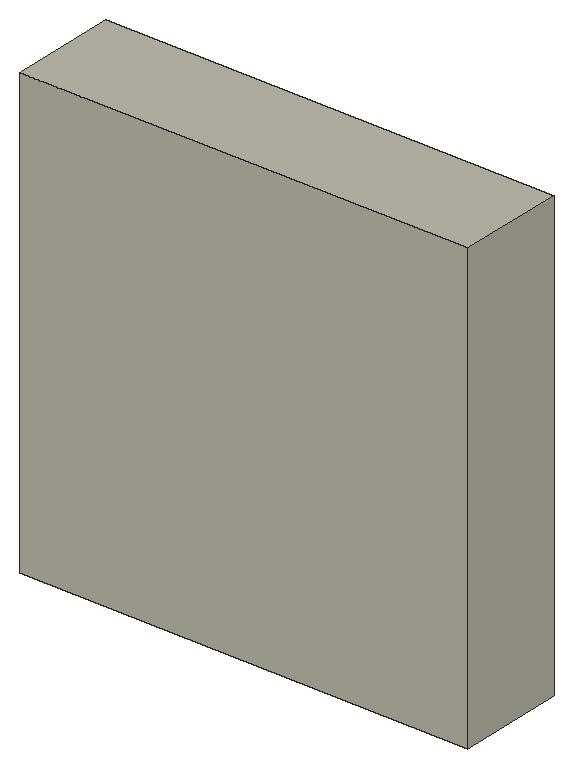
Revit family "IQ8FCT", category Fire Alarm Devices, Revit 2014
Parameters
  type of detector [instance] = "LOOP"
  material 3 = White
  material 2 = Transparant
  material = Beige
  l1 = 88 mm
  h1 = 88 mm
  distance to the wall [instance] = 0 mm
  distance symbol from center [instance] = 0 mm
  content_version = "1.0"
  content_date_modified = "16.06.2015"
  content_date_creation = "16.06.2015"  # constant formula
  b2 = 4 mm
  b1 = 21 mm
  article number = "804867"
  URL = "http://www.esser-systems.com/en/produkte/details/transponders-input-amp-output-modules/esserbus/804867-iq8fct-with-isolator-1-contact-in1-out.html"
  Model = "IQ8FCT with isolator, 1 contact IN/1 OUT"
  Manufacturer = "Esser by Honeywell"  # constant formula
  GTIN = ""
  GLN = ""
Reference planes
  plane 1 "Center (Front/Back)": y = 0
  plane 2: z = 0
  plane 3 "Center (Left/Right)": x = 0
  plane 4 "Left": x = 44
  plane 5 "Right": x = -44
  plane 6 "Front": y = 21
  plane 7 "Top": z = 44
  plane 8 "Flip Front": y = 17
  plane 9 "Bottom": z = -44
Forms (mm)
  Extrusion 1, solid, material "Beige" <- "material"
    sketch origin (0, 21, 0) x (1, 0, 0) y (0, 0, 1)
      loop
        line (44, 44) -> (-44, 44) -> (-44, -44) -> (44, -44) -> (44, 44)
    from 0 to 21
  Extrusion 2, void
    sketch origin (0, 21, 0) x (1, 0, 0) y (0, 0, 1)
      loop
        line (25, 25) -> (-25, 25) -> (-25, -25) -> (25, -25) -> (25, 25)
      loop
        line (25, 27.009) -> (25, 41.009) -> (-25, 41.009) -> (-25, 27.009) -> (25, 27.009)
    from 0 to 5
  Extrusion 3, solid, material "Transparant" <- "material 2"
    sketch origin (0, 21, 0) x (1, 0, 0) y (0, 0, 1)
      loop
        line (25, 25) -> (-25, 25) -> (-25, -25) -> (25, -25) -> (25, 25)
      loop
        line (25, 27.009) -> (25, 41.009) -> (-25, 41.009) -> (-25, 27.009) -> (25, 27.009)
    from 0 to 4
  Extrusion 4, solid, material "White" <- "material 3"
    sketch origin (0, 21, 0) x (1, 0, 0) y (0, 0, 1)
      loop
        line (25, 25) -> (-25, 25) -> (-25, -25) -> (25, -25) -> (25, 25)
    from 4.5 to 5
  Extrusion 5, solid, material "White" <- "material 3"
    sketch origin (0, 21, 0) x (1, 0, 0) y (0, 0, 1)
      loop
        line (23.503, 38.418) -> (22.236, 38.418) -> (22.236, 28.595) -> (23.503, 28.595) -> (23.503, 38.418)
      loop
        arc (18.927, 35.339) -> (15.917, 37.411) -> (12.907, 35.339) r 3.222
        arc (12.907, 35.339) -> (12.556, 33.438) -> (12.907, 31.537) r 5.328
        arc (12.907, 31.537) -> (13.229, 30.909) -> (13.68, 30.367) r 3.222
        arc (13.68, 30.367) -> (14.539, 30.939) -> (15.518, 31.263) r 3.864
        line (15.518, 31.263) -> (15.937, 30.045)
        arc (15.937, 30.045) -> (15.362, 29.912) -> (14.832, 29.652) r 2.597
        arc (14.832, 29.652) -> (17.264, 29.759) -> (18.927, 31.537) r 3.222
        arc (18.927, 31.537) -> (19.277, 33.438) -> (18.927, 35.339) r 5.328
      loop
        arc (11.53, 27.563) -> (12.638, 28.122) -> (13.681, 28.793) r 11.951
        arc (13.681, 28.793) -> (17.424, 28.457) -> (20.111, 31.084) r 4.49
        arc (20.111, 31.084) -> (20.545, 33.438) -> (20.111, 35.791) r 6.595
        arc (20.111, 35.791) -> (15.917, 38.679) -> (11.723, 35.791) r 4.49
        arc (11.723, 35.791) -> (11.346, 32.568) -> (12.552, 29.555) r 6.595
        arc (12.552, 29.555) -> (11.81, 29.112) -> (11.035, 28.73) r 10.683
        line (11.035, 28.73) -> (11.53, 27.563)
      loop
        circle (6.894, 31.353) r 1.964
      loop
        circle (6.894, 35.789) r 1.584
      loop
        arc (8.923, 33.786) -> (6.894, 38.641) -> (4.864, 33.786) r 2.852
        arc (4.864, 33.786) -> (6.894, 28.185) -> (8.923, 33.786) r 3.169
      loop
        line (1.989, 38.398) -> (-4.537, 38.398) -> (-4.537, 37.13) -> (0.721, 37.13) -> (0.721, 34.279) -> (-3.854, 34.279) -> (-3.854, 33.011) -> (0.721, 33.011) -> (0.721, 28.575) -> (1.989, 28.575) -> (1.989, 38.398)
      loop
        arc (-8.349, 36.781) -> (-7.102, 33.454) -> (-8.349, 30.127) r 5.062
        arc (-8.349, 30.127) -> (-10.178, 29.542) -> (-12.008, 30.127) r 3.154
        arc (-12.008, 30.127) -> (-12.755, 30.949) -> (-13.093, 32.007) r 2.613
        line (-13.093, 32.007) -> (-14.332, 31.698)
        arc (-14.332, 31.698) -> (-13.804, 30.233) -> (-12.743, 29.094) r 3.88
        arc (-12.743, 29.094) -> (-10.102, 28.275) -> (-7.49, 29.186) r 4.422
        arc (-7.49, 29.186) -> (-5.834, 33.454) -> (-7.49, 37.722) r 6.329
        arc (-7.49, 37.722) -> (-10.102, 38.632) -> (-12.743, 37.813) r 4.422
        arc (-12.743, 37.813) -> (-13.804, 36.674) -> (-14.332, 35.21) r 3.88
        line (-14.332, 35.21) -> (-13.093, 34.901)
        arc (-13.093, 34.901) -> (-12.755, 35.959) -> (-12.008, 36.781) r 2.613
        arc (-12.008, 36.781) -> (-10.178, 37.366) -> (-8.349, 36.781) r 3.154
      loop
        line (-15.133, 38.398) -> (-22.856, 38.398) -> (-22.856, 37.13) -> (-19.625, 37.13) -> (-19.625, 28.575) -> (-18.358, 28.575) -> (-18.358, 37.13) -> (-15.133, 37.13) -> (-15.133, 38.398)
    from 4 to 5
Cuts and joins
  Extrusion 2 cuts Extrusion 1
Lines and regions (mm)
  model lines
    curve 1: line (33.5, 21, 25.333) -> (33.5, 21, 44)
    curve 2: line (33.5, 21, 44) -> (33.5, 0, 44)
    curve 3: line (-33.5, 21, 44) -> (-33.5, 0, 44)
    curve 4: arc (-25, 21, 25) -> (0, 21, -35.355) -> (25, 21, 25) r 35.355
    curve 5: arc (-33.5, 21, 25.333) -> (0, 21, -42) -> (33.5, 21, 25.333) r 42
    curve 6: line (-33.5, 21, 25.333) -> (-33.5, 21, 44)
    curve 7: line (6.797, 21, -24.746) -> (6.797, 21, -39.926)
    curve 8: arc (-6.797, 21, -39.926) -> (0, 21, -40.5) -> (6.797, 21, -39.926) r 40.5
    curve 9: line (-6.797, 21, -24.746) -> (-6.797, 21, -39.926)
    curve 10: line (20, 17, 22) -> (-20, 17, 22)
    curve 11: line (22, 17, -5) -> (22, 17, 20)
    curve 12: line (-20, 17, -7) -> (20, 17, -7)
    curve 13: line (-22, 17, 20) -> (-22, 17, -5)
    curve 14: arc (22, 17, 20) -> (21.414, 17, 21.414) -> (20, 17, 22) r 2
    curve 15: arc (-20, 17, 22) -> (-21.414, 17, 21.414) -> (-22, 17, 20) r 2
    curve 16: arc (20, 17, -7) -> (21.414, 17, -6.414) -> (22, 17, -5) r 2
    curve 17: arc (-22, 17, -5) -> (-21.414, 17, -6.414) -> (-20, 17, -7) r 2
    curve 18: line (17, 17, 16) -> (-17, 17, 16)
    curve 19: line (19, 17, 7) -> (19, 17, 14)
    curve 20: line (-17, 17, 5) -> (17, 17, 5)
    curve 21: line (-19, 17, 14) -> (-19, 17, 7)
    curve 22: arc (19, 17, 14) -> (18.414, 17, 15.414) -> (17, 17, 16) r 2
    curve 23: arc (-17, 17, 16) -> (-18.414, 17, 15.414) -> (-19, 17, 14) r 2
    curve 24: arc (17, 17, 5) -> (18.414, 17, 5.586) -> (19, 17, 7) r 2
    curve 25: arc (-19, 17, 7) -> (-18.414, 17, 5.586) -> (-17, 17, 5) r 2
    curve 26: line (15.077, 17, 12.5) -> (-14.923, 17, 12.5)
    curve 27: line (15.077, 17, 8.5) -> (-14.923, 17, 8.5)
Dimensions and locks
  equal spacing: plane 4 "Left", plane 3 "Center (Left/Right)", plane 5 "Right"
  "b1": plane 1 "Center (Front/Back)" to plane 6 "Front"
  "l1": plane 4 "Left" to plane 5 "Right"
  locked: plane 2 to level
  "b2": plane 8 "Flip Front" to plane 6 "Front"
  equal spacing: plane 7 "Top", level, plane 9 "Bottom"
  "h1": plane 7 "Top" to plane 9 "Bottom"
  aligned and locked: plane 7 "Top" to Extrusion 1 sketch curve
  aligned and locked: Extrusion 1 sketch curve to plane 4 "Left"
  aligned and locked: Extrusion 1 sketch curve to plane 9 "Bottom"
  aligned and locked: Extrusion 1 sketch curve to plane 5 "Right"
  aligned and locked: plane 1 "Center (Front/Back)" to Extrusion 1
  aligned and locked: curve 2 to curve 1
  aligned and locked: curve 3 to curve 6
  aligned and locked: Extrusion 3 to plane 8 "Flip Front"
  aligned and locked: Extrusion 5 to cut or joined group of Extrusion 1, Extrusion 2
  aligned and locked: plane 8 "Flip Front" to Extrusion 5
Automatic sketch dimensions
  curve 4 to curve 5 = 0 mm
  curve 4 to curve 8 = 0 mm  (x2)
  curve 5 to curve 8 = 0 mm
  curve 6 to plane 7 "Top" = 0 mm
  curve 5 to level = 0 mm
  plane 3 "Center (Left/Right)" to curve 5 = 0 mm
  curve 1 to plane 7 "Top" = 0 mm
  plane 5 "Right" to curve 6 = 10.5 mm
  curve 7 to plane 3 "Center (Left/Right)" = 6.797 mm
  plane 4 "Left" to curve 1 = 10.5 mm
  plane 9 "Bottom" to curve 7 = 4.074 mm
  curve 6 to curve 6 = 18.667 mm
  plane 3 "Center (Left/Right)" to curve 9 = 6.797 mm
  curve 5 to curve 4 = 8.5 mm
  curve 4 to curve 1 = 8.5 mm
  curve 8 to curve 9 = 15.179 mm
  curve 7 to curve 9 = 0 mm
  curve 4 to curve 1 = 0.333 mm
  Extrusion 2 sketch curve to plane 7 "Top" = 2.991 mm
  plane 5 "Right" to Extrusion 2 sketch curve = 19 mm
  Extrusion 2 sketch curve to Extrusion 2 sketch curve = 0 mm  (x2)
  plane 4 "Left" to Extrusion 2 sketch curve = 19 mm
  Extrusion 2 sketch curve to Extrusion 2 sketch curve = 14 mm
  Extrusion 2 sketch curve to Extrusion 2 sketch curve = 2.009 mm
  plane 9 "Bottom" to Extrusion 2 sketch curve = 19 mm
  Extrusion 1 to curve 3 = 0 mm
  Extrusion 1 to curve 2 = 0 mm
  curve 3 to Extrusion 1 = 0 mm
  curve 2 to Extrusion 1 = 0 mm
  Extrusion 3 sketch curve to plane 7 "Top" = 2.991 mm
  plane 5 "Right" to Extrusion 3 sketch curve = 19 mm
  Extrusion 3 sketch curve to Extrusion 3 sketch curve = 0 mm  (x2)
  plane 4 "Left" to Extrusion 3 sketch curve = 19 mm
  Extrusion 3 sketch curve to Extrusion 3 sketch curve = 14 mm
  Extrusion 3 sketch curve to Extrusion 3 sketch curve = 2.009 mm
  plane 9 "Bottom" to Extrusion 3 sketch curve = 19 mm
  plane 5 "Right" to Extrusion 4 sketch curve = 19 mm
  plane 4 "Left" to Extrusion 4 sketch curve = 19 mm
  plane 9 "Bottom" to Extrusion 4 sketch curve = 19 mm
  Extrusion 4 sketch curve to plane 7 "Top" = 19 mm
  Extrusion 5 sketch curve to Extrusion 5 sketch curve = 0 mm  (x42)
  Extrusion 5 sketch curve to plane 7 "Top" = 5.602 mm
  plane 5 "Right" to Extrusion 5 sketch curve = 21.144 mm
  Extrusion 5 sketch curve to Extrusion 5 sketch curve = 3.231 mm
  Extrusion 5 sketch curve to Extrusion 5 sketch curve = 1.267 mm  (x7)
  Extrusion 5 sketch curve to Extrusion 5 sketch curve = 3.225 mm
  Extrusion 5 sketch curve to Extrusion 5 sketch curve = 0.801 mm
  Extrusion 5 sketch curve to Extrusion 5 sketch curve = 1.239 mm  (x2)
  Extrusion 5 sketch curve to Extrusion 5 sketch curve = 0.93 mm
  Extrusion 5 sketch curve to Extrusion 5 sketch curve = 1.671 mm  (x2)
  Extrusion 5 sketch curve to Extrusion 5 sketch curve = 0.314 mm  (x2)
  plane 3 "Center (Left/Right)" to Extrusion 5 sketch curve = 4.537 mm
  plane 3 "Center (Left/Right)" to Extrusion 5 sketch curve = 3.854 mm
  Extrusion 5 sketch curve to plane 3 "Center (Left/Right)" = 0.721 mm  (x2)
  Extrusion 5 sketch curve to Extrusion 5 sketch curve = 4.719 mm
  Extrusion 5 sketch curve to Extrusion 5 sketch curve = 0.186 mm
  Extrusion 5 sketch curve to Extrusion 5 sketch curve = 4.141 mm
  Extrusion 5 sketch curve to Extrusion 5 sketch curve = 0.495 mm
  Extrusion 5 sketch curve to Extrusion 5 sketch curve = 2.915 mm
  Extrusion 5 sketch curve to Extrusion 5 sketch curve = 1.568 mm
  Extrusion 5 sketch curve to Extrusion 5 sketch curve = 0.399 mm
  Extrusion 5 sketch curve to Extrusion 5 sketch curve = 0.419 mm
  Extrusion 5 sketch curve to Extrusion 5 sketch curve = 0.295 mm
  Extrusion 5 sketch curve to Extrusion 5 sketch curve = 1.967 mm
  Extrusion 5 sketch curve to Extrusion 5 sketch curve = 4.352 mm
  Extrusion 5 sketch curve to plane 7 "Top" = 6.87 mm
  Extrusion 5 sketch curve to Extrusion 5 sketch curve = 1.341 mm
  Extrusion 5 sketch curve to Extrusion 5 sketch curve = 1.921 mm
  Extrusion 5 sketch curve to Extrusion 5 sketch curve = 0.309 mm  (x2)
  Extrusion 5 sketch curve to Extrusion 5 sketch curve = 0.248 mm
  Extrusion 5 sketch curve to Extrusion 5 sketch curve = 2.852 mm
  Extrusion 5 sketch curve to Extrusion 5 sketch curve = 0.441 mm  (x2)
  Extrusion 5 sketch curve to Extrusion 5 sketch curve = 1.6 mm
  Extrusion 5 sketch curve to Extrusion 5 sketch curve = 1.447 mm  (x2)
  Extrusion 5 sketch curve to Extrusion 5 sketch curve = 0.751 mm  (x2)
  Extrusion 5 sketch curve to Extrusion 5 sketch curve = 1.515 mm
  Extrusion 5 sketch curve to Extrusion 5 sketch curve = 1.503 mm
  Extrusion 5 sketch curve to Extrusion 5 sketch curve = 4.436 mm  (x2)
  Extrusion 5 sketch curve to Extrusion 5 sketch curve = 1.423 mm
  Extrusion 5 sketch curve to Extrusion 5 sketch curve = 1.218 mm
  Extrusion 5 sketch curve to Extrusion 5 sketch curve = 2.623 mm
  Extrusion 5 sketch curve to Extrusion 5 sketch curve = 4.843 mm
  Extrusion 5 sketch curve to Extrusion 5 sketch curve = 3.122 mm
  Extrusion 5 sketch curve to Extrusion 5 sketch curve = 1.167 mm
  Extrusion 5 sketch curve to Extrusion 5 sketch curve = 2.58 mm
  Extrusion 5 sketch curve to plane 7 "Top" = 5.582 mm
  Extrusion 5 sketch curve to Extrusion 5 sketch curve = 2.708 mm
  Extrusion 5 sketch curve to Extrusion 5 sketch curve = 2.144 mm
  Extrusion 5 sketch curve to Extrusion 5 sketch curve = 0.859 mm
  Extrusion 5 sketch curve to Extrusion 5 sketch curve = 2.03 mm
  Extrusion 5 sketch curve to Extrusion 5 sketch curve = 2.227 mm
  Extrusion 5 sketch curve to Extrusion 5 sketch curve = 0.354 mm
  Extrusion 5 sketch curve to Extrusion 5 sketch curve = 1.129 mm
  Extrusion 5 sketch curve to Extrusion 5 sketch curve = 1.105 mm
  Extrusion 5 sketch curve to Extrusion 5 sketch curve = 2.003 mm
  curve 13 to Extrusion 3 = 3 mm
  curve 13 to curve 12 = 2 mm
  curve 13 to curve 15 = 2 mm
  curve 21 to Extrusion 3 = 6 mm
  curve 23 to curve 23 = 2 mm
  curve 21 to curve 25 = 2 mm
  curve 20 to Extrusion 3 = 8 mm
  curve 18 to Extrusion 3 = 8 mm
  curve 22 to curve 19 = 2 mm
  curve 22 to curve 14 = 3 mm
  curve 16 to Extrusion 3 = 5 mm
  curve 14 to curve 11 = 2 mm
  curve 12 to Extrusion 3 = 18 mm
  curve 17 to curve 20 = 10 mm
  curve 24 to curve 19 = 7 mm
  curve 18 to curve 15 = 4 mm
  curve 25 to curve 27 = 2.077 mm
  curve 23 to curve 26 = 2.077 mm
  curve 26 to curve 22 = 1.923 mm
  curve 27 to curve 24 = 1.923 mm
  curve 24 to curve 27 = 1.5 mm
  curve 26 to curve 23 = 1.5 mm
  radius of Extrusion 5 sketch curve = 1.964 mm
  radius of Extrusion 5 sketch curve = 1.584 mm
Nested families
  nested 1: "NLRS_65_GA_UN_Transponder_generiek_CGA_ENG" at (0, 0, 0), distance to the wall <- "distance to the wall", distance symbol from center <- "distance symbol from center", Transponder <- "type of detector", type "Transponder_generiek"
    with distance to the wall 0 mm, distance symbol from center 0 mm, atdm 0 mm, afst mid plus 0 mm, afst mid min 0 mm, Transponder "LOOP"
Connectors
  electrical at (0, 0, 0)
    settings: on cut or joined group of Extrusion 1, Extrusion 2, index 1, voltage 0 V, apparent load 0 VA, apparent load phase1 0 VA, apparent load phase2 0 VA, apparent load phase3 0 VA, power factor 1, load classification "Other", number of poles 1, system type 11, power factor state 1, is connector primary yes, connector utility no, sub classification motor no, connector description ""
Definition of nested family "NLRS_65_GA_UN_Transponder_generiek_CGA_ENG"
  Parameters (values of type "Transponder_generiek")
    content_version = "3.4"  # constant formula
    content_modified_date = "01-09-2013"  # constant formula
    content_creation_date = "01-01-2012"  # constant formula
    atdm [instance] = if(distance to the wall < 0 mm, -1 * distance to the wall, distance to the wall)  # 0 mm
    distance to the wall [instance] = 0 mm
    distance symbol from center [instance] = 0 mm
    afst mid plus [instance] = if(distance symbol from center > 0 mm, distance symbol from center, 0 mm)  # 0 mm
    afst mid min [instance] = if(distance symbol from center < 0 mm, -1 * distance symbol from center, 0 mm)  # 0 mm
    Description = "Transponder"  # constant formula
    Copyright © Cadac = "www.cadac.com/aec"
    Transponder [instance] = "Transponder"
  Reference planes
    plane 1: y = 0
    plane 2: x = 0
  Lines and regions (mm)
    reference lines, not visible
      curve 1: line (0, 8.982, 0) -> (0, -8.267, 0)
      curve 2: line (0, -8.267, 0) -> (0, 9, 0)
      curve 3: line (-13, 0, 0) -> (13.702, 0, 0)
    detail lines, style "Electrical Equipment_Fire Safety Equipment"
      curve 4: line (-5, 0, 0) -> (-5, 5, 0)
      curve 5: line (-5, 5, 0) -> (5, 5, 0)
      curve 6: line (5, 5, 0) -> (5, 0, 0)
      curve 7: line (0, 0, 0) -> (-5, 0, 0)
      curve 8: line (0, 0, 0) -> (5, 0, 0)
    detail lines, style "Electrical Equipment_Fire Safety Equipment", not visible
      curve 9: line (-52.377, 40.649, 0) -> (-52.377, 45.649, 0)
      curve 10: line (-52.377, 45.649, 0) -> (-42.377, 45.649, 0)
      curve 11: line (-42.377, 45.649, 0) -> (-42.377, 40.649, 0)
      curve 12: line (-47.377, 40.649, 0) -> (-52.377, 40.649, 0)
      curve 13: line (-47.377, 40.649, 0) -> (-42.377, 40.649, 0)
      curve 30: line (0, 5, 0) -> (0, 4.8, 0)
      curve 31: line (-47.377, 45.649, 0) -> (-47.377, 45.449, 0)
    detail lines, not visible
      curve 14: arc (-1.5, 9, 0) -> (0, 7.5, 0) -> (1.5, 9, 0) r 1.5
      curve 15: circle (-1.933, 6.116, 0) r 0.5 normal (0, 0, 1)
      curve 16: line (0, 0, 0) -> (0, 7.5, 0)
      curve 17: line (-1.5, 7.5, 0) -> (1.5, 7.5, 0)
      curve 18: line (1.5, 1.134, 0) -> (-1.5, 2.866, 0)
      curve 19: line (1.5, 2.134, 0) -> (-1.5, 3.866, 0)
      curve 20: line (1.5, 3.134, 0) -> (-1.5, 4.866, 0)
      curve 21: line (1.5, 4.134, 0) -> (-1.5, 5.866, 0)
      curve 22: line (-3, 7.732, 0) -> (1.5, 5.134, 0)
      curve 23: line (-3, 8.982, 0) -> (-3, 6.482, 0)
      curve 24: line (1.299, 8.25, 0) -> (-1.299, 8.25, 0)
      curve 25: line (1.161, 8.05, 0) -> (-1.161, 8.05, 0)
      curve 26: line (0.963, 7.85, 0) -> (-0.963, 7.85, 0)
      curve 27: line (0.654, 7.65, 0) -> (-0.654, 7.65, 0)
      curve 28: arc (-1.683, 6.116, 0) -> (-1.933, 6.366, 0) -> (-2.183, 6.116, 0) r 0.25
      curve 29: arc (-2.183, 6.116, 0) -> (-1.933, 5.866, 0) -> (-1.683, 6.116, 0) r 0.25
  Text (mm)
    text "Cadac Group AEC" at (-305.182, -0.685, 0), not visible
    label "I/O unit" at (-0.292, 2.326, 0), shows "Transponder"
    label "I/O unit" at (-47.669, 42.975, 0), shows "Transponder", not visible
  Dimensions and locks
    "atdm": plane 1 to curve 3
    "afst mid plus": curve 1 to curve 2
    "afst mid min": plane 2 to curve 2
    aligned and locked: curve 3 to curve 8
    aligned and locked: curve 1 to curve 30
  Automatic sketch dimensions
    curve 4 to curve 8 = 5 mm
    curve 4 to curve 30 = 5 mm
    curve 7 to curve 8 = 5 mm
    curve 7 to curve 30 = 4.8 mm
    curve 4 to curve 5 = 5 mm
    curve 9 to curve 13 = 5 mm
    curve 9 to curve 31 = 5 mm
    curve 12 to curve 13 = 5 mm
    curve 12 to curve 31 = 4.8 mm
    curve 9 to curve 10 = 5 mm
    curve 3 to plane 2 = 13 mm
    plane 2 to curve 3 = 13.702 mm
    plane 1 to curve 2 = 8.267 mm
    curve 1 to curve 2 = 0 mm
    curve 1 to plane 1 = 8.982 mm
    curve 1 to curve 2 = 0.018 mm
